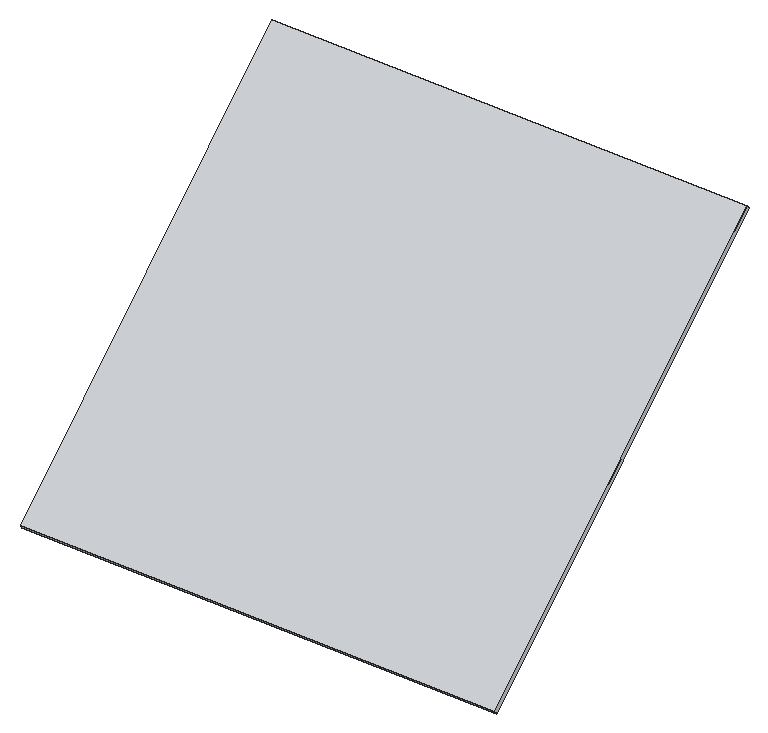
Revit family
Parameters
  offsetglas_onder [instance] = offset_basis / cos(hoek)  # 98.995 mm
  offset_glasboven [instance] = offset_boven / cos(hoek)  # 1414.214 mm
  offset_boven [instance] = 1000 mm
  offset_basis [instance] = 70 mm
  offset top rechts [instance] = 50 mm
  offset top links [instance] = 50 mm
  offset basis rechts [instance] = 50 mm
  offset basis links [instance] = 50 mm
  hoek = 45.00°
  glas = none
  breedte [instance] = 1500 mm
Reference planes
  plane 1 "Center (Front/Back)": y = 0
  plane 2: z = 0
  plane 3 "Center (Left/Right)": x = 0
  plane 4 "offset basis links": x = -700
  plane 5 "offset top links": x = -700
  plane 6 "offset top rechts": x = 700
  plane 7 "offset basis rechts": x = 700
  plane 8 "left": x = -750
  plane 9 "right": x = 750
  plane 10 "offset top": y = 1000
  plane 11 "offset basis": y = 70
Forms (mm)
  Extrusion 1, solid, material <- "glas"
    sketch origin (0, 410.501, 410.501) x (0, 0.707107, 0.707107) y (1, 0, 0)
      loop
        line (833.677, -700) -> (833.677, 700) -> (-481.541, 700) -> (-481.541, -700) -> (833.677, -700)
    from -5 to 5
Lines and regions (mm)
  reference lines
    curve 1: line (0, 0, 0) -> (0, 947.523, 947.523)
Dimensions and locks
  equal spacing: plane 8 "left", plane 3 "Center (Left/Right)", plane 9 "right"
  "breedte": plane 8 "left" to plane 9 "right"
  "offset basis links": plane 8 "left" to plane 4 "offset basis links"
  "offset basis rechts": plane 7 "offset basis rechts" to plane 9 "right"
  "offset top links": plane 8 "left" to plane 5 "offset top links"
  "offset top rechts": plane 6 "offset top rechts" to plane 9 "right"
  "offset_basis": plane 1 "Center (Front/Back)" to plane 11 "offset basis"
  "offsetglas_onder": curve 1 to Extrusion 1
  "offset_boven": plane 1 "Center (Front/Back)" to plane 10 "offset top"
  "offset_glasboven": Extrusion 1 to curve 1
  "hoek": angle curve 1 to plane 2
  aligned and locked: plane 7 "offset basis rechts" to Extrusion 1 sketch curve
  aligned and locked: plane 5 "offset top links" to Extrusion 1 sketch curve
  aligned and locked: plane 6 "offset top rechts" to Extrusion 1 sketch curve
  aligned and locked: plane 4 "offset basis links" to Extrusion 1 sketch curve
Automatic sketch dimensions
  curve 1 to level = 0 mm
  curve 1 to plane 1 "Center (Front/Back)" = 0 mm
  curve 1 to Extrusion 1 sketch curve = 98.995 mm
  curve 1 to Extrusion 1 sketch curve = 74.214 mm
